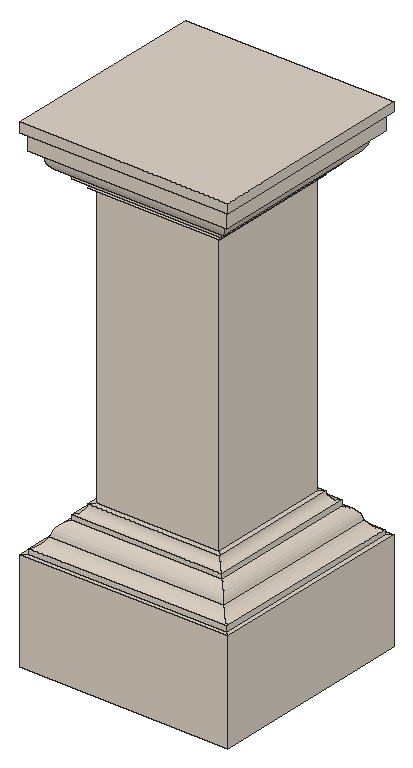
Revit family "Pedestal Doric", category 기둥, Revit 2026
Family settings
  로드될 때 보이드를 사용하여 절단 = 아니오
  자동으로 형상을 벽에 결합합니다 = 예
  공유 = 아니오
  평면도에서 미리 절단된 패밀리 표시 = 예
Parameters (values of type "300 x 300mm")
  Material = Masonry - Stone
  제조업체 = "Revit"
  Width = 300 mm
  키노트 = "F"
  Depth = 300 mm
Reference planes
  plane 1 "Centro A/I": y = 0
  plane 2: z = 0
  plane 3 "Centro S/D": x = -8.378
  plane 4 "Sinistra": x = -158.378
  plane 5 "Destra": x = 141.622
  plane 6 "Indietro": y = 150
  plane 7 "Avanti": y = -150
  plane 8: y = 0
  plane 9: z = 1200
Forms (mm)
  Sweep 1, solid, material "Masonry - Stone" <- "Material"
    path origin (0, 0, 200) x (1, 0, 0) y (0, 1, 0)
      loop
        line (141.622, -150) -> (141.622, 150) -> (-158.378, 150) -> (-158.378, -150) -> (141.622, -150)
    profile origin (0, 0, 200) x (-1, 0, 0) y (0, 0, 1)
      loop
        line (-246.622, -200) -> (-136.622, -200) -> (-136.622, 1000) -> (-246.622, 1000) -> (-246.622, 976.816) -> (-236.622, 976.816) -> (-236.622, 936.738) -> (-214.043, 936.738) -> (-214.043, 921.738)
        arc (-214.043, 921.738) -> (-203.083, 895.276) -> (-176.622, 884.316) r 37.422
        line (-176.622, 884.316) -> (-176.622, 869.316)
        arc (-176.622, 869.316) -> (-157.941, 865.497) -> (-154.122, 846.816) r 17.298
        line (-154.122, 846.816) -> (-141.622, 846.816) -> (-141.622, 151.816) -> (-154.122, 151.816)
        arc (-154.122, 151.816) -> (-160.712, 135.906) -> (-176.622, 129.316) r 22.5
        line (-176.622, 129.316) -> (-176.622, 116.816)
        arc (-176.622, 116.816) -> (-195.914, 104.15) -> (-205.772, 83.283) r 42.611
        arc (-205.772, 83.283) -> (-217.426, 68.318) -> (-234.122, 59.316) r 46.07
        line (-234.122, 59.316) -> (-234.122, 46.816) -> (-246.622, 46.816) -> (-246.622, -200)
  Extrusion 2, solid, material "Masonry - Stone" <- "Material"
    sketch origin (0, 0, 0) x (1, 0, 0) y (0, 1, 0)
      loop
        line (-153.378, 145) -> (-153.378, -145) -> (136.622, -145) -> (136.622, 145) -> (-153.378, 145)
    from 0 to 1200
Cuts and joins
  joined: Sweep 1, Extrusion 2
Dimensions and locks
  equal spacing: plane 4 "Sinistra", plane 3 "Centro S/D", plane 5 "Destra"
  equal spacing: plane 7 "Avanti", plane 1 "Centro A/I", plane 6 "Indietro"
  "Width": plane 4 "Sinistra" to plane 5 "Destra"
  "Depth": plane 7 "Avanti" to plane 6 "Indietro"
  locked: Sweep 1 sketch curve to plane 5 "Destra" at 5
  aligned and locked: level to Sweep 1 sketch curve
  aligned and locked: Sweep 1 sketch curve to plane 9
  aligned and locked: level to plane 9
  aligned and locked: level to plane 2
  aligned and locked: Extrusion 2 sketch curve to Sweep 1  (x4)
  aligned and locked: Extrusion 2 to plane 9
Automatic sketch dimensions
  Sweep 1 sketch curve to plane 4 "Sinistra" = 0 mm
  Sweep 1 sketch curve to plane 5 "Destra" = 0 mm
  Sweep 1 sketch curve to plane 7 "Avanti" = 0 mm
  Sweep 1 sketch curve to plane 6 "Indietro" = 0 mm
  Sweep 1 sketch curve to profile plane = 0 mm
  profile plane to Sweep 1 sketch curve = 12.5 mm  (x2)
  profile plane to Sweep 1 sketch curve = 22.133 mm
  Sweep 1 sketch curve to Sweep 1 sketch curve = 16.051 mm
  profile plane to Sweep 1 sketch curve = 35 mm
  Sweep 1 sketch curve to Sweep 1 sketch curve = 6.449 mm  (x2)
  Sweep 1 sketch curve to Sweep 1 sketch curve = 42.017 mm
  Sweep 1 sketch curve to Sweep 1 sketch curve = 37.422 mm
  Sweep 1 sketch curve to Sweep 1 sketch curve = 28.349 mm
  Sweep 1 sketch curve to Sweep 1 sketch curve = 22.578 mm
  profile plane to Sweep 1 sketch curve = 105 mm
  Sweep 1 sketch curve to Sweep 1 sketch curve = 10 mm
  Sweep 1 sketch curve to Sweep 1 sketch curve = 13.048 mm
  Sweep 1 sketch curve to Sweep 1 sketch curve = 246.816 mm
  Sweep 1 sketch curve to Sweep 1 sketch curve = 12.5 mm  (x2)
  Sweep 1 sketch curve to Sweep 1 sketch curve = 16.878 mm
  Sweep 1 sketch curve to Sweep 1 sketch curve = 23.967 mm
  Sweep 1 sketch curve to Sweep 1 sketch curve = 153.184 mm
  Sweep 1 sketch curve to Sweep 1 sketch curve = 15 mm  (x2)
  Sweep 1 sketch curve to Sweep 1 sketch curve = 23.184 mm
